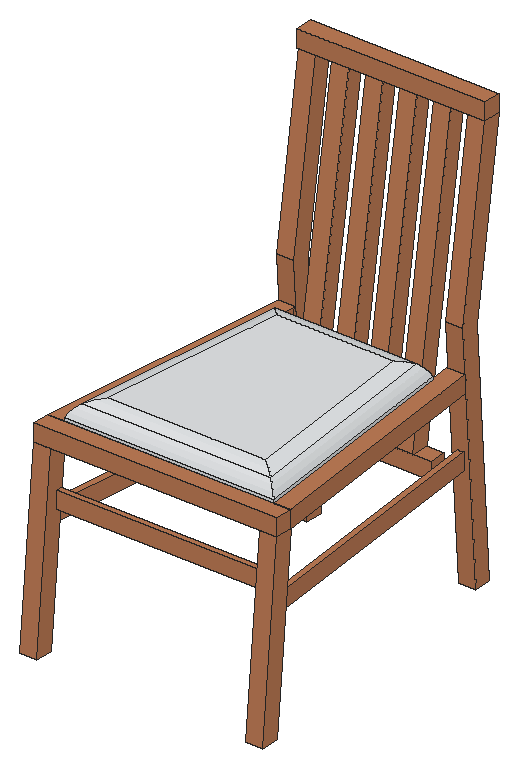
Revit family
Parameters (values of type "KO-Kitchen chair BC800WF W430*D500*H960")
  Assembly Code = ""
  Manufacturer = "BORNEO"
  Model = ""
  leg material = cherry length weak
  frame material = cherry width weak
  cushion material = gray fabric
Reference planes
  plane 1 "중심(앞/뒤)": y = 0
  plane 2: z = 0
  plane 3 "중심(왼쪽/오른쪽)": x = 0
  plane 4: y = 250
  plane 5: y = -250
  plane 6: x = -215
  plane 7: x = -215
  plane 8: z = 350
  plane 9: z = 760.034
  plane 10: z = 320
  plane 11: y = 220
  plane 12: y = -221.535
  plane 13: x = 162.745
  plane 14: x = -167.255
  plane 15: z = 730.034
  plane 16: x = -137.255
  plane 17: x = -15
  plane 18: x = 15
  plane 19: x = -45
  plane 20: x = 72.745
  plane 21: x = 102.745
  plane 22: x = 45
  plane 23: x = 75
  plane 24: x = 105
  plane 25: z = 220
  plane 26: z = 190
  plane 27: z = 250
  plane 28: through (-171.658, 18.562, 0) normal (0.9942, -0.1075, 0)
  plane 29: through (-166.687, 18.025, 0) normal (0.9942, -0.1075, 0)
  plane 30: through (-176.629, 19.1, 0) normal (0.9942, -0.1075, 0)
  plane 31: through (-171.658, 18.562, 0) normal (0.9942, -0.1075, 0)
  plane 32: through (-166.687, 18.025, 0) normal (0.9942, -0.1075, 0)
  plane 33: through (-176.629, 19.1, 0) normal (0.9942, -0.1075, 0)
  plane 34: y = 235
  plane 35: y = 240
  plane 36: y = 230
  plane 37: through (0, -165.229, -26.17) normal (0, -0.9877, -0.1564)
  plane 38: z = 205
  plane 39: y = -201.843
  plane 40: y = -186.843
  plane 41: y = -216.843
  plane 42: x = -60
Forms (mm)
  Extrusion 1, solid, material "cherry width weak" <- "frame material"
    sketch origin (-2.255, 26.463, 0) x (-1, 0, 0) y (0, -1, 0)
      loop
        line (-165, -220) -> (-165, -250) -> (165, -250) -> (165, -220) -> (-165, -220)
    from 730.034 to 760.034
  Extrusion 2, solid, material "cherry length weak" <- "leg material"
    sketch origin (-2.255, -23.537, 0) x (0, -1, 0) y (0, 0, 1)
      loop
        line (220, 320) -> (250, 0) -> (280.022, 0) -> (250.022, 320) -> (220, 320)
    from 182.745 to 212.745
  Extrusion 3, solid, material "cherry length weak" <- "leg material"
    sketch origin (-2.255, -23.537, 0) x (0, -1, 0) y (0, 0, -1)
      loop
        line (220, -320) -> (250.022, -320) -> (280.022, 0) -> (250, 0) -> (220, -320)
    from 185 to 215
  Extrusion 4, solid, material "cherry length weak" <- "leg material"
    sketch origin (-2.255, -19.978, 0) x (0, -1, 0) y (0, 0, 1)
      loop
        line (-270, 730.034) -> (-300, 730.034) -> (-251.869, 419.057) -> (-280, 0) -> (-250, 0) -> (-221.535, 424.037) -> (-270, 730.034)
    from 135 to 165
  Extrusion 5, solid, material "cherry length weak" <- "leg material"
    sketch origin (-2.255, -23.537, 0) x (0, -1, 0) y (0, 0, -1)
      loop
        line (-270, -730.034) -> (-221.535, -424.037) -> (-250, 0) -> (-280, 0) -> (-251.869, -419.057) -> (-300, -730.034) -> (-270, -730.034)
    from 135 to 165
  Extrusion 6, solid, material "cherry length weak" <- "leg material"
    sketch origin (-2.255, -23.537, 0) x (-1, 0, 0) y (0, -1, 0)
      loop
        line (203.673, 228.311) -> (193.615, 228.311) -> (143.115, -238.7) -> (153.173, -238.7) -> (203.673, 228.311)
    from 190 to 220
  Extrusion 7, solid, material "cherry length weak" <- "leg material"
    sketch origin (-2.255, -23.537, 0) x (1, 0, 0) y (0, 1, 0)
      loop
        line (205.737, -229.777) -> (155.441, 235.35) -> (145.383, 235.35) -> (195.679, -229.777) -> (205.737, -229.777)
    from 190 to 220
  Extrusion 8, solid, material "cherry width weak" <- "frame material"
    sketch origin (-2.255, -23.537, 0) x (-1, 0, 0) y (0, -1, 0)
      loop
        line (-185, 240) -> (-185, 230) -> (182.745, 230) -> (182.745, 240) -> (-185, 240)
    from 220 to 250
  Extrusion 9, solid, material "cherry width weak" <- "frame material"
    sketch origin (-2.255, -23.537, 0) x (-1, 0, 0) y (0, -1, 0)
      loop
        line (-138.928, -186.843) -> (-135.531, -216.843) -> (135, -216.843) -> (138.751, -186.843) -> (-138.928, -186.843)
    from 190 to 220
  Extrusion 10, solid, material "cherry length weak" <- "leg material"
    sketch origin (-2.255, -23.537, 0) x (0, -1, 0) y (0, 0, 1)
      loop
        line (-300, 730.034) -> (-216.843, 220) -> (-186.843, 220) -> (-270, 730.034) -> (-300, 730.034)
    from -105 to -75
  Extrusion 11, solid, material "cherry length weak" <- "leg material"
    sketch origin (-2.255, -23.537, 0) x (0, -1, 0) y (0, 0, -1)
      loop
        line (-300, -730.034) -> (-270, -730.034) -> (-186.843, -220) -> (-216.843, -220) -> (-300, -730.034)
    from -105 to -75
  Extrusion 12, solid, material "cherry length weak" <- "leg material"
    sketch origin (117.745, -23.537, 0) x (0, -1, 0) y (0, 0, -1)
      loop
        line (-300, -730.034) -> (-270, -730.034) -> (-186.843, -220) -> (-216.843, -220) -> (-300, -730.034)
    from -105 to -75
  Extrusion 13, solid, material "cherry length weak" <- "leg material"
    sketch origin (-122.255, -23.537, 0) x (0, -1, 0) y (0, 0, 1)
      loop
        line (-300, 730.034) -> (-216.843, 220) -> (-186.843, 220) -> (-270, 730.034) -> (-300, 730.034)
    from -105 to -75
  Extrusion 14, solid, material "cherry width weak" <- "frame material"
    sketch origin (-2.255, -23.537, 0) x (-1, 0, 0) y (0, -1, 0)
      loop
        line (-215, 250) -> (-215, 220) -> (212.745, 220) -> (212.745, 250) -> (-215, 250)
    from 320 to 350
  Extrusion 15, solid, material "cherry length weak" <- "leg material"
    sketch origin (-2.255, -23.537, 0) x (-1, 0, 0) y (0, -1, 0)
      loop
        line (182.745, 220) -> (135, -225.094) -> (135, -231.076) -> (165, -231.076) -> (165, -225.094) -> (212.745, 220) -> (182.745, 220)
    from 320 to 350
  Extrusion 16, solid, material "cherry length weak" <- "leg material"
    sketch origin (-2.255, -23.537, 0) x (1, 0, 0) y (0, 1, 0)
      loop
        line (185, -220) -> (215, -220) -> (165, 225.094) -> (165, 231.076) -> (135, 231.076) -> (135, 225.094) -> (185, -220)
    from 320 to 350
  Extrusion 17, solid, material "gray fabric" <- "cushion material"
    sketch origin (-2.255, -23.537, 0) x (-1, 0, 0) y (0, -1, 0)
      loop
        line (-185, 220) -> (-139.297, -186.843) -> (139.103, -186.843) -> (182.745, 220) -> (-185, 220)
    from 350 to 385
  Sweep 18, void
    path origin (-185, 220, 385) x (-1, 0, 0) y (0, -1, 0)
      loop
        line (-43.642, 56.694) -> (0, 463.537) -> (-367.745, 463.537) -> (-322.042, 56.694) -> (-43.642, 56.694)
    profile origin (-6.111, -56.965, 0) x (0.994296, -0.106657, 0) y (0, 0, 1)
      loop
        line (-109.052, 385.837) -> (-159.17, 385.837) -> (-159.17, 351.381)
        arc (-159.17, 351.381) -> (-152.499, 365.217) -> (-142.17, 376.585) r 53.47
        arc (-142.17, 376.585) -> (-126.185, 383.266) -> (-109.052, 385.837) r 70.33
Cuts and joins
  Sweep 18 cuts Extrusion 1
  Sweep 18 cuts Extrusion 2
  Sweep 18 cuts Extrusion 3
  Sweep 18 cuts Extrusion 4
  Sweep 18 cuts Extrusion 5
  Sweep 18 cuts Extrusion 6
  Sweep 18 cuts Extrusion 7
  Sweep 18 cuts Extrusion 8
  Sweep 18 cuts Extrusion 9
  Sweep 18 cuts Extrusion 10
  Sweep 18 cuts Extrusion 11
  Sweep 18 cuts Extrusion 12
  Sweep 18 cuts Extrusion 13
  Sweep 18 cuts Extrusion 14
  Sweep 18 cuts Extrusion 15
  Sweep 18 cuts Extrusion 16
  Sweep 18 cuts Extrusion 17
Lines and regions (mm)
  symbolic lines, style "점선"
    curve 1: line (-167.255, 201.557, 0) -> (-215, -243.537, 0)
    curve 2: line (-215, -273.537, 0) -> (212.745, -273.537, 0)
    curve 3: line (212.745, -243.537, 0) -> (162.745, 201.557, 0)
    curve 4: line (167.042, 163.306, 0) -> (-171.358, 163.306, 0)
    curve 5: line (-167.255, 276.463, 0) -> (-167.255, 201.557, 0)
    curve 6: line (162.745, 197.997, 0) -> (162.745, 276.463, 0)
    curve 7: line (162.745, 276.463, 0) -> (-167.255, 276.463, 0)
    curve 8: line (-215, -243.537, 0) -> (-215, -273.537, 0)
    curve 9: line (212.745, -273.537, 0) -> (212.745, -243.537, 0)
Dimensions and locks
  aligned and locked: plane 15 to Extrusion 1
  aligned and locked: Extrusion 2 to plane 7
  aligned and locked: Extrusion 4 sketch curve to Extrusion 1
  aligned and locked: plane 16 to Extrusion 4
  aligned and locked: plane 13 to Extrusion 1
  aligned and locked: Extrusion 1 to plane 14
  aligned and locked: Extrusion 6 to plane 25
  aligned and locked: plane 26 to Extrusion 6
  aligned and locked: Extrusion 6 sketch curve to plane 29
  aligned and locked: Extrusion 3 to Extrusion 8 sketch curve
  aligned and locked: Extrusion 2 to Extrusion 8 sketch curve
  aligned and locked: plane 25 to Extrusion 8
  aligned and locked: Extrusion 8 to plane 27
  aligned and locked: Extrusion 9 to plane 25
  aligned and locked: plane 26 to Extrusion 9
  aligned and locked: Extrusion 10 to plane 21
  aligned and locked: plane 20 to Extrusion 10
  aligned and locked: Extrusion 14 sketch curve to Extrusion 3  (x2)
  aligned and locked: Extrusion 2 to Extrusion 14 sketch curve
  aligned and locked: Extrusion 14 sketch curve to Extrusion 2
  aligned and locked: Extrusion 14 to plane 8
  aligned and locked: plane 10 to Extrusion 14
  aligned and locked: Extrusion 4 to Extrusion 15 sketch curve  (x2)
  aligned and locked: Extrusion 15 to plane 8
  aligned and locked: plane 10 to Extrusion 15
  aligned and locked: Extrusion 16 sketch curve to Extrusion 14  (x2)
  aligned and locked: plane 8 to Extrusion 17
  aligned and locked: Sweep 18 sketch curve to cut or joined group of Extrusion 17, Sweep 18  (x4)
  aligned and locked: curve 1 to cut or joined group of Extrusion 15, Sweep 18
  aligned and locked: curve 2 to cut or joined group of Extrusion 14, Sweep 18
  aligned and locked: curve 3 to cut or joined group of Extrusion 16, Sweep 18
  aligned and locked: curve 4 to cut or joined group of Extrusion 17, Sweep 18
  aligned and locked: cut or joined group of Extrusion 4, Sweep 18 to curve 5
  aligned and locked: curve 6 to cut or joined group of Extrusion 5, Sweep 18
  aligned and locked: curve 7 to cut or joined group of Extrusion 1, Sweep 18
  aligned and locked: curve 8 to cut or joined group of Extrusion 14, Sweep 18
  aligned and locked: curve 9 to cut or joined group of Extrusion 14, Sweep 18
